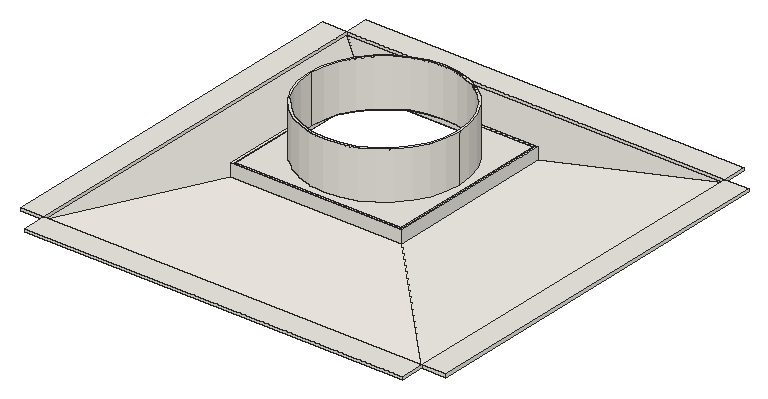
Revit family "Abmessungen MDA", category Air Terminals, Revit 2017
Family settings
  Round Connector Dimension = Use Diameter
  Part Type = Normal
  Work Plane-Based = No
  Always vertical = Yes
  Cut with Voids When Loaded = No
  Shared = No
  Room Calculation Point = No
Parameters (values of type "MDA 400")
  Index = 3
  Pressure Drop = 0.0 Pa
  Min Flow = 0.0 L/s
  Max Flow = 0.0 L/s
  H = if(Index = 1, 34.6 mm, if(Index = 2, 38.9 mm, 44.2 mm))  # 44.2 mm
  DN = if(Index = 1, 100 mm, if(Index = 2, 125 mm, 160 mm))  # 160 mm
  A = if(Index = 1, 250 mm, if(Index = 2, 315 mm, 400 mm))  # 400 mm
  B = if(Index = 1, 300 mm, if(Index = 2, 365 mm, 450 mm))  # 450 mm
Types (4, lengths in mm): name | Index | H | DN | A | B
  (no name) | 3 | 44.2 | 160 | 400 | 450
  MDA 250 | 1 | 34.6 | 100 | 250 | 300
  MDA 315 | 2 | 38.9 | 125 | 315 | 365
  MDA 400 | 3 | 44.2 | 160 | 400 | 450
Reference planes
  plane 1 "Center (Front/Back)": y = 0
  plane 2: z = 0
  plane 3 "Center (Left/Right)": x = 0
Nested families
  nested 1: "A_B" at (0, 0, 0), type "A_B"
    with B 450 mm, A 400 mm
  nested 2: "DN" at (0, 0, 0), type "DN"
    with H 44.2 mm, DN-2 156 mm, DN 160 mm
  nested 3: "H" at (0, 0, 0), type "H"
    with H-15 32.2 mm, H 44.2 mm, DN+20 180 mm, DN 160 mm, A 400 mm
  nested 4: "H_down" at (0, 0, 0), type "H_down"
Connectors
  hvac at (0, 0, 94.2), driven by "DN"
    settings: on nested 2, index 1, duct flow 0.0 L/s, flow factor 0, pres drop 0.0 Pa, loss coef 0, conn angle 0.00°, conn width 304.8 mm, conn height 304.8 mm, conn diameter 160 mm, duct sys type 1, conn prof type 0, flow config 1, flow direction 1, loss method 0, conn ref index -1, conn util no, is conn primary yes, conn desc ""
Definition of nested family "A_B"
  Parameters (values of type "A_B")
    B = 365 mm
    A = 315 mm
  Reference planes
    plane 1 "Center (Front/Back)": y = 0
    plane 2: z = 0
    plane 3 "Center (Left/Right)": x = 0
    plane 4: x = -157.5
    plane 5: x = 157.5
    plane 6: y = 157.5
    plane 7: y = -157.5
    plane 8: y = 182.5
    plane 9: x = 182.5
    plane 10: y = -182.5
    plane 11: x = -182.5
  Forms (mm)
    Extrusion 1, solid
      sketch origin (0, 0, 0) x (1, 0, 0) y (0, 1, 0)
        loop
          line (-157.5, 182.5) -> (-157.5, 157.5) -> (157.5, 157.5) -> (157.5, 182.5) -> (-157.5, 182.5)
        loop
          line (-157.5, -157.5) -> (-157.5, -182.5) -> (157.5, -182.5) -> (157.5, -157.5) -> (-157.5, -157.5)
      from 0 to 3
    Extrusion 2, solid
      sketch origin (0, 0, 0) x (1, 0, 0) y (0, 1, 0)
        loop
          line (-182.5, 157.5) -> (-182.5, -157.5) -> (-157.5, -157.5) -> (-157.5, 157.5) -> (-182.5, 157.5)
        loop
          line (157.5, 157.5) -> (157.5, -157.5) -> (182.5, -157.5) -> (182.5, 157.5) -> (157.5, 157.5)
      from 0 to 3
  Dimensions and locks
    equal spacing: plane 4, plane 3 "Center (Left/Right)", plane 5
    "A": plane 4 to plane 5
    equal spacing: plane 6, plane 1 "Center (Front/Back)", plane 7
    "A": plane 6 to plane 7
    equal spacing: plane 8, plane 1 "Center (Front/Back)", plane 10
    "B": plane 8 to plane 10
    equal spacing: plane 11, plane 3 "Center (Left/Right)", plane 9
    "B": plane 11 to plane 9
    aligned and locked: level to plane 2
    aligned and locked: Extrusion 1 sketch curve to plane 8
    aligned and locked: plane 5 to Extrusion 1 sketch curve  (x2)
    aligned and locked: plane 4 to Extrusion 1 sketch curve
    aligned and locked: Extrusion 1 sketch curve to plane 10
    aligned and locked: Extrusion 1 sketch curve to plane 6
    aligned and locked: Extrusion 2 sketch curve to plane 4
    aligned and locked: Extrusion 2 sketch curve to plane 11
    aligned and locked: Extrusion 2 sketch curve to plane 6  (x2)
    aligned and locked: Extrusion 2 sketch curve to plane 7  (x2)
    aligned and locked: Extrusion 2 sketch curve to plane 5
    aligned and locked: Extrusion 2 sketch curve to plane 9
  Automatic sketch dimensions
    Extrusion 1 sketch curve to plane 4 = 0 mm
    plane 7 to Extrusion 1 sketch curve = 0 mm
Definition of nested family "DN"
  Parameters (values of type "DN")
    H = 34.6 mm
    DN-2 = DN - 4 mm  # 96 mm
    DN = 100 mm
  Reference planes
    plane 1 "Center (Front/Back)": y = 0
    plane 2: z = 0
    plane 3 "Center (Left/Right)": x = 0
    plane 4: z = 34.6
    plane 5: z = 84.6
  Forms (mm)
    Extrusion 1, solid
      sketch origin (0, 0, 0) x (1, 0, 0) y (0, 1, 0)
        loop
          circle (0, 0) r 50
        loop
          circle (0, 0) r 48
      from 34.6 to 84.6
  Dimensions and locks
    locked: plane 5 to plane 4 at 50
    "H": plane 4 to plane 2
    "DN": diameter of Extrusion 1 sketch curve
    "DN-2": diameter of Extrusion 1 sketch curve
    aligned and locked: level to plane 2
    aligned and locked: plane 5 to Extrusion 1
    aligned and locked: Extrusion 1 to plane 4
  Automatic sketch dimensions
    Extrusion 1 sketch curve to Extrusion 1 sketch curve = 0 mm  (x2)
    plane 1 "Center (Front/Back)" to Extrusion 1 sketch curve = 0 mm
    Extrusion 1 sketch curve to plane 3 "Center (Left/Right)" = 0 mm
Definition of nested family "H"
  Parameters (values of type "H")
    H-15 = H - 12 mm  # 22.6 mm
    H = 34.6 mm
    DN+20 = DN + 20 mm  # 120 mm
    DN = 100 mm
    A = 250 mm
  Reference planes
    plane 1 "Center (Front/Back)": y = 0
    plane 2: z = 0
    plane 3 "Center (Left/Right)": x = 0
    plane 4: z = 34.6
    plane 5: z = 21.6
    plane 6: z = 32.6
  Forms (mm)
    Extrusion 1, solid
      sketch origin (0, 0, 0) x (1, 0, 0) y (0, 1, 0)
        loop
          line (-60, 60) -> (-60, -60) -> (60, -60) -> (60, 60) -> (-60, 60)
        loop
          line (-58, 58) -> (-58, -58) -> (58, -58) -> (58, 58) -> (-58, 58)
      from 21.6 to 34.6
    Extrusion 2, solid
      sketch origin (0, 0, 0) x (1, 0, 0) y (0, 1, 0)
        loop
          line (-58, 58) -> (-58, -58) -> (58, -58) -> (58, 58) -> (-58, 58)
        loop
          circle (0, 0) r 50
      from 32.6 to 34.6
  Dimensions and locks
    "H": plane 4 to plane 2
    locked: plane 4 to plane 5 at 13
    equal spacing: Extrusion 1 sketch curve, plane 3 "Center (Left/Right)", Extrusion 1 sketch curve
    "DN+20": Extrusion 1 sketch curve to Extrusion 1 sketch curve  (x2)
    equal spacing: Extrusion 1 sketch curve, plane 1 "Center (Front/Back)", Extrusion 1 sketch curve
    locked: Extrusion 1 sketch curve to Extrusion 1 sketch curve at 2  (x4)
    locked: plane 4 to plane 6 at 2
    "DN": diameter of Extrusion 2 sketch curve
    aligned and locked: level to plane 2
    aligned and locked: plane 4 to Extrusion 1
    aligned and locked: Extrusion 1 to plane 5
    aligned and locked: Extrusion 1 to Extrusion 2 sketch curve  (x3)
    aligned and locked: Extrusion 2 sketch curve to Extrusion 1
    aligned and locked: plane 4 to Extrusion 2
    aligned and locked: Extrusion 2 to plane 6
  Automatic sketch dimensions
    plane 1 "Center (Front/Back)" to Extrusion 2 sketch curve = 0 mm
    Extrusion 2 sketch curve to plane 3 "Center (Left/Right)" = 0 mm
Definition of nested family "H_down"
  Parameters (values of type "H_down")
    H = 44.2 mm
    DN = 160 mm
    A = 400 mm
  Reference planes
    plane 1 "Center (Front/Back)": y = 0
    plane 2: z = 0
    plane 3 "Center (Left/Right)": x = 0
    plane 4: z = 44.2
    plane 5: z = 31.2
  Forms (mm)
    SweptBlend 1, solid
      path origin (0, 0, 0) x (1, 0, 0) y (0, 0, 1)
        loop
          line (0, 0) -> (0, 31.2)
      profile "P_A : P_A" origin (0, 0, 0) x (-1, 0, 0) y (0, -1, 0)
        loop
          line (-200, 200) -> (-200, -200) -> (200, -200) -> (200, 200) -> (-200, 200)
      end profile "P_A up : P_A up" origin (0, 0, 31.2) x (-1, 0, 0) y (0, -1, 0)
        loop
          line (-90, 90) -> (-90, -90) -> (90, -90) -> (90, 90) -> (-90, 90)
    SweptBlend 2, void
      path origin (0, 0, 0) x (1, 0, 0) y (0, 0, 1)
        loop
          line (0, 0) -> (0, 31.2)
      profile "P_A v : P_A v" origin (0, 0, 0) x (-1, 0, 0) y (0, -1, 0)
        loop
          line (-198, 198) -> (-198, -198) -> (198, -198) -> (198, 198) -> (-198, 198)
      end profile "P_A upv : P_A upv" origin (0, 0, 31.2) x (-1, 0, 0) y (0, -1, 0)
        loop
          line (-88, 88) -> (-88, -88) -> (88, -88) -> (88, 88) -> (-88, 88)
  Cuts and joins
    SweptBlend 2 cuts SweptBlend 1
  Dimensions and locks
    "H": plane 4 to level
    locked: plane 4 to plane 5 at 13
    aligned and locked: level to plane 2
    aligned and locked: plane 3 "Center (Left/Right)" to SweptBlend 1 sketch curve
    aligned and locked: SweptBlend 2 sketch curve to SweptBlend 1
  Automatic sketch dimensions
    SweptBlend 1 sketch curve to level = 0 mm
    SweptBlend 1 sketch curve to plane 5 = 0 mm
    SweptBlend 2 sketch curve to plane 3 "Center (Left/Right)" = 0 mm
    SweptBlend 2 sketch curve to level = 0 mm
